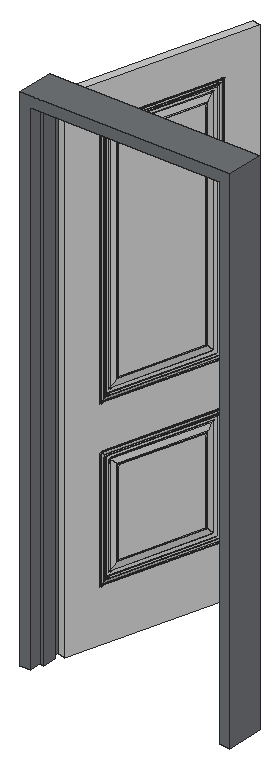
Revit family "Taylor_Entrance_8_Foot_High_Def_2_Panel", category Doors, host Wall, Revit 2026
Family settings
  Host = Wall
  Classification Number = 23.30.10.00
  Always vertical = Yes
  Cut with Voids When Loaded = No
  Shared = No
  Room Calculation Point = No
Parameters (values of type "36" x 96"")
  Wall depth [instance] = 0' - 6"
  URL = ""
  Thickness = 0' - 1 3/4"
  Swing Visible [instance] = Swing Angle > 1.00°  # yes
  Swing Angle [instance] = 75.00°
  Swing Actual [instance] = if(Swing Angle < 1.00°, 1.00°, Swing Angle)  # 75.00°
  Specification = "https://charrette.arcat.com/company/taylor-entrance-systems-inc-50999/spec"
  SpecWizard = ""
  Sales Information = "http://www.taylordoor.com/Content/Contact_Us.cfm"
  Rough Width = Width + 0' 4"  # 3' - 4"
  Rough Height = Height + 0' 2"  # 8' - 2"
  Product Data = ""
  Model = "8'-0\" High Def 2 Panel"
  Masonry Wall [instance] = not(Gypboard Wall)  # no
  Manufacturer Website = "http://www.taylordoor.com/"
  Manufacturer Phone - Toll Free = "800-248-3600"
  Manufacturer Phone = ""
  Manufacturer Fax = "800-252-5468"
  Manufacturer Email = ""
  Manufacturer Address = "631 N. First St., West Branch, MI 48661"
  Manufacturer = "Taylor Entrance Systems"
  Installation-Fabrication = ""
  Gypboard Wall [instance] = yes
  Green Building-LEED = ""
  Function = Interior
  Height = 8' - 0"
  Wall Closure = By host
  Width = 3' - 0"
  Fire Rating = ""
  Door Frame Finish = Material - Door - Frame
  Door Finish = Door Finish - Grey Paintable Primer
  Description = "8'-0\" high def 2 panel embossment for steel edge doors"
  Analytic Construction = "<None>"
Reference planes (in)
  plane 1 "Center (Front/Back)": y = 0
  plane 2 "Center (Left/Right)": x = 0
  plane 3 "Left": x = -18
  plane 4 "Right": x = 18
  plane 5 "Top": z = 96
  plane 6 "Exterior": y = 3
  plane 7 "Interior": y = -3
  plane 8: x = -20
  plane 9: x = 20
  plane 10: z = 98
  plane 11: x = -17
  plane 12: x = 17
  plane 13: z = 1
  plane 14: z = 7
Forms (in)
  Sweep 1, solid, material "Material - Door - Frame" <- "Door Frame Finish", visible <- "Gypboard Wall"
    path origin (0, -3, 0) x (1, 0, 0) y (0, 0, 1)
      loop
        line (-18, 0) -> (-18, 96) -> (18, 96) -> (18, 0)
    profile origin (-18, -3, 48) x (-1, 0, 0) y (0, -1, 0)
      loop
        line (2, -6.55) -> (2, 0.55) -> (0, 0.55) -> (0, -1.75) -> (-0.75, -1.75) -> (-0.75, -4.25) -> (0, -4.25) -> (0, -6.55) -> (2, -6.55)
  Sweep 2, solid, material "Material - Door - Frame" <- "Door Frame Finish", visible <- "Masonry Wall"
    path origin (0, -3, 0) x (1, 0, 0) y (0, 0, 1)
      loop
        line (-18, 0) -> (-18, 96) -> (18, 96) -> (18, 0)
    profile origin (-18, -3, 48) x (-1, 0, 0) y (0, -1, 0)
      loop
        line (2, 0) -> (0, 0) -> (0, -1.75) -> (-0.75, -1.75) -> (-0.75, -4.625) -> (0, -4.625) -> (0, -6) -> (2, -6) -> (2, 0)
Lines and regions (in)
  Opening 1
    outline origin (-90, -3, 0) x (1, 0, 0) y (0, 0, 1)
      loop
        line (70, 0) -> (110, 0) -> (110, 98) -> (70, 98) -> (70, 0)
  symbolic lines, style "Elevation Swing"
    curve 1: line (18, 3, 0) -> (-18, 3, 48)
    curve 2: line (-18, 3, 48) -> (18, 3, 96)
  reference lines
    curve 3: line (-18, 3, 0) -> (-8.68251, 37.77333, 0)
  symbolic lines, style "DoorsFrameMullionProjection", visible <- "Gypboard Wall"
    curve 4: line (-20, -18.38231, 0) -> (-18, -18.38231, 0)
    curve 5: line (-20, -3.55, 0) -> (-20, -18.38231, 0)
    curve 6: line (-18, -3.55, 0) -> (-20, -3.55, 0)
    curve 7: line (-18, -18.38231, 0) -> (-18, -3.55, 0)
    curve 8: line (18, 3.55, 0) -> (20, 3.55, 0)
    curve 9: line (18, -3.55, 0) -> (18, 3.55, 0)
    curve 10: line (20, -3.55, 0) -> (18, -3.55, 0)
    curve 11: line (20, 3.55, 0) -> (20, -3.55, 0)
  symbolic lines, style "DoorsFrameMullionProjection", visible <- "Masonry Wall"
    curve 12: line (-20, 3, 0) -> (-18, 3, 0)
    curve 13: line (-20, -3, 0) -> (-20, 3, 0)
    curve 14: line (-18, -3, 0) -> (-20, -3, 0)
    curve 15: line (-18, 3, 0) -> (-18, -3, 0)
    curve 16: line (18, 3, 0) -> (20, 3, 0)
    curve 17: line (18, -3, 0) -> (18, 3, 0)
    curve 18: line (20, -3, 0) -> (18, -3, 0)
    curve 19: line (20, 3, 0) -> (20, -3, 0)
  symbolic lines, style "Swing"
    curve 20: arc (18, 3, 0) -> (10.56072, 24.91541, 0) -> (-8.68251, 37.77333, 0) r 36
  symbolic lines, style "DoorsFrameMullionProjection"
    curve 21: line (-18, -3, 96) -> (18, -3, 96)
    curve 22: line (-18, -3, 0) -> (-18, -3, 96)
    curve 23: line (18, -3, 96) -> (18, -3, 0)
    curve 24: line (-20, -3, 98) -> (20, -3, 98)
    curve 25: line (-20, -3, 0) -> (-20, -3, 98)
    curve 26: line (20, -3, 0) -> (-20, -3, 0)
    curve 27: line (20, -3, 98) -> (20, -3, 0)
  symbolic lines, style "Kick Plate"
    curve 28: line (-17, -3, 10) -> (17, -3, 10)
    curve 29: line (-17, -3, 1) -> (-17, -3, 10)
    curve 30: line (17, -3, 1) -> (-17, -3, 1)
    curve 31: line (17, -3, 10) -> (17, -3, 1)
Text (in)
  text "Exterior" at (-74.96733, 27.31104, 0), in view "Ref. Level"
  text "Interior" at (-74.96733, -25.14366, 0), in view "Ref. Level"
  text "Exterior" at (0, 40.15149, 123.01588), in view "Right"
  text "Interior" at (0, -64.39139, 123.01588), in view "Right"
  text "Interior" at (0, -31.01599, 123.00693), in view "Left"
  text "Exterior" at (0, 54.57065, 123.00693), in view "Left"
Dimensions and locks (in)
  equal spacing: plane 3 "Left", plane 2 "Center (Left/Right)", plane 4 "Right"
  "Height": level to plane 5 "Top"
  "Width": plane 3 "Left" to plane 4 "Right"
  equal spacing: host wall, curve 2, plane 5 "Top"
  equal spacing: plane 8, plane 2 "Center (Left/Right)", plane 9
  "Rough Width": plane 8 to plane 9
  "Width": curve 3 to curve 3
  "Thickness": Sweep 1 sketch curve to plane 6 "Exterior"
  locked: Sweep 1 sketch curve to host wall at 0.55  (x2)
  "Wall depth": host wall to host wall
  "Thickness": Sweep 2 sketch curve to Sweep 1
  "Thickness": Sweep 2 sketch curve to Sweep 2 sketch curve
  "Thickness": host wall to Sweep 1 sketch curve
  "Rough Height": plane 10 to level
  locked: plane 3 "Left" to plane 11 at 1
  locked: plane 12 to plane 4 "Right" at 1
  locked: plane 13 to level at 1
  locked: plane 14 to plane 13 at 6
  "Width": radius of curve 20
  "Swing Angle": angle plane 6 "Exterior" to curve 3
  "Swing Actual": angle curve 20 to curve 20
  aligned and locked: Opening 1 sketch curve to level
  aligned and locked: plane 4 "Right" to curve 1
  aligned and locked: plane 3 "Left" to curve 1
  aligned and locked: plane 5 "Top" to curve 2
  aligned and locked: plane 6 "Exterior" to host wall
  aligned and locked: plane 7 "Interior" to host wall
  aligned and locked: plane 6 "Exterior" to curve 3
  aligned and locked: plane 3 "Left" to curve 3
  aligned and locked: Opening 1 sketch curve to plane 8
  aligned and locked: plane 9 to Opening 1 sketch curve
  aligned and locked: Sweep 1 sketch curve to plane 3 "Left"
  aligned and locked: plane 4 "Right" to Sweep 1 sketch curve
  aligned and locked: plane 5 "Top" to Sweep 1 sketch curve
  aligned and locked: Sweep 1 sketch curve to plane 8
  aligned and locked: level to Sweep 2 sketch curve  (x2)
  aligned and locked: plane 4 "Right" to Sweep 2 sketch curve
  aligned and locked: Sweep 2 sketch curve to plane 3 "Left"  (x2)
  aligned and locked: plane 5 "Top" to Sweep 2 sketch curve
  aligned and locked: profile plane to Sweep 2 sketch curve  (x2)
  aligned and locked: plane 8 to Sweep 2 sketch curve
  aligned and locked: curve 13 to plane 8
  aligned and locked: plane 3 "Left" to curve 15
  aligned and locked: curve 12 to host wall
  aligned and locked: curve 14 to host wall
  aligned and locked: curve 18 to host wall
  aligned and locked: curve 16 to host wall
  aligned and locked: curve 19 to plane 9
  aligned and locked: curve 17 to plane 4 "Right"
  aligned and locked: curve 3 to curve 20
  aligned and locked: plane 10 to Opening 1 sketch curve
  aligned and locked: plane 5 "Top" to curve 21
  aligned and locked: plane 4 "Right" to curve 23
  aligned and locked: curve 22 to plane 3 "Left"
  aligned and locked: plane 10 to curve 24
  aligned and locked: curve 27 to plane 9
  aligned and locked: curve 25 to plane 8
  aligned and locked: level to curve 26
  aligned and locked: curve 29 to plane 11
  aligned and locked: plane 12 to curve 31
Automatic sketch dimensions
  curve 1 to level = 0' - 0"
  curve 2 to plane 4 "Right" = 0' - 0"
  Sweep 1 sketch curve to level = 0' - 0"  (x2)
  Sweep 1 sketch curve to profile plane = 0' - 0"  (x2)
  profile plane to Sweep 1 sketch curve = 0' - 0 3/4"
  profile plane to Sweep 2 sketch curve = 0' - 0 3/4"
  Sweep 2 sketch curve to Sweep 2 sketch curve = 0' - 1 3/8"
  curve 31 to plane 13 = 0' - 0"
  plane 14 to curve 31 = 0' - 3"
  curve 4 to plane 8 = 0' - 0"
  curve 7 to plane 3 "Left" = 0' - 0"
  curve 10 to plane 4 "Right" = 0' - 0"
  curve 8 to plane 9 = 0' - 0"
  host wall to curve 10 = 0' - 0.55"
  host wall to curve 7 = 0' - 0.55"
  curve 4 to curve 5 = 1' - 2.83231"
  curve 20 to curve 9 = 0' - 0.55"
Nested families (in)
  nested 1: "Door Slab - 2 Panel HD Square" at (-18, 3, 0) x (0.2588, 0.9659, 0) z (0, 0, 1), Door slab width <- "Width", Door slab thickness <- "Thickness", Door slab height <- "Height", type "Door Slab - 2 Panel HD Square"
    with Gypboard Wall yes, Door slab width 3' - 0", Door slab thickness 0' - 1 3/4", Door slab height 8' - 0"
Definition of nested family "Door Slab - 2 Panel HD Square"
  Parameters (values of type "Door Slab - 2 Panel HD Square")
    Door Finish = none
    Gypboard Wall [instance] = yes
    Door slab width [instance] = 3' - 0"
    Door slab thickness [instance] = 0' - 1 3/8"
    Door slab height [instance] = 8' - 0"
    Default Elevation = 4' - 0"
    Analytic Construction = "<None>"
  Reference planes (in)
    plane 1 "Center (Front/Back)": y = 0
    plane 2: z = 0
    plane 3 "Center (Left/Right)": x = 0
    plane 4 "Door Thickness": y = -1.375
    plane 5: x = 36
    plane 6: z = 96
    plane 7: y = -1.4375
    plane 8: y = -0.6875
    plane 9: y = -0.5625
    plane 10: y = -0.8125
    plane 11: x = 18
    plane 12: z = 10
    plane 13: z = 33
    plane 14: z = 41.22
    plane 15: z = 89.22
    plane 16: x = 29.5
    plane 17: x = 6.5
  Forms (in)
    Extrusion 1, solid, material <- "Door Finish"
      sketch origin (0, 0, 0) x (1, 0, 0) y (0, 0, 1)
        loop
          line (0, 96) -> (0, 0) -> (36, 0) -> (36, 96) -> (0, 96)
        loop
          line (6.5, 89.22) -> (6.5, 41.22) -> (29.5, 41.22) -> (29.5, 89.22) -> (6.5, 89.22)
        loop
          line (29.5, 33) -> (6.5, 33) -> (6.5, 10) -> (29.5, 10) -> (29.5, 33)
      from 0 to 1.375
    Extrusion 2, solid, material <- "Door Finish"
      sketch origin (40.86714, -1.375, 48) x (-1, 0, 0) y (0, 0, 1)
        loop
          line (30.93614, 37.789) -> (14.79814, 37.789) -> (14.79814, -3.349) -> (30.93614, -3.349) -> (30.93614, 37.789)
        loop
          line (14.79814, -34.569) -> (30.93614, -34.569) -> (30.93614, -18.431) -> (14.79814, -18.431) -> (14.79814, -34.569)
      from 0 to 1.375
    Sweep 3, solid, material <- "Door Finish"
      path origin (-5.19536, -1.375, 48) x (-1, 0, 0) y (0, 0, 1)
        loop
          line (-11.69536, -15) -> (-34.69536, -15) -> (-34.69536, -38) -> (-11.69536, -38) -> (-11.69536, -15)
      profile "2 Panel HD Square : 2 Panel HD Square" origin (18, -1.375, 33) x (0, 0, -1) y (0, 1, 0)
        loop
          arc (3.30651, 0.06633) -> (3.36047, 0.01762) -> (3.431, 0) r 0.14999
          line (3.431, 0) -> (3.431, 0.30897) -> (0, 0.30897) -> (0, 0)
          arc (0, 0) -> (0.06154, 0.0132) -> (0.11224, 0.05049) r 0.14999
          line (0.11224, 0.05049) -> (0.1675, 0.11284)
          arc (0.1675, 0.11284) -> (0.2611, 0.15218) -> (0.35829, 0.12282) r 0.14984
          arc (0.35829, 0.12282) -> (0.5516, 0.03038) -> (0.75695, 0.09154) r 0.29799
          line (0.75695, 0.09154) -> (0.78906, 0.12568)
          arc (0.78906, 0.12568) -> (0.82222, 0.14896) -> (0.8619, 0.15717) r 0.09999
          line (0.8619, 0.15717) -> (1.10372, 0.15717)
          arc (1.10372, 0.15717) -> (1.14664, 0.16511) -> (1.18388, 0.18788) r 0.12
          arc (1.18388, 0.18788) -> (1.22113, 0.21064) -> (1.26405, 0.21858) r 0.12
          line (1.26405, 0.21858) -> (1.78572, 0.21858)
          arc (1.78572, 0.21858) -> (1.82885, 0.2266) -> (1.86622, 0.24958) r 0.12
          arc (1.86622, 0.24958) -> (1.9127, 0.27567) -> (1.9659, 0.27904) r 0.12
          line (1.9659, 0.27904) -> (3.10682, 0.09419) -> (3.25422, 0.09419)
          arc (3.25422, 0.09419) -> (3.28384, 0.08679) -> (3.30651, 0.06633) r 0.06299
    Sweep 4, solid, material <- "Door Finish"
      path origin (-5.19536, -1.375, 68.44) x (-1, 0, 0) y (0, 0, 1)
        loop
          line (-11.69536, 20.78) -> (-34.69536, 20.78) -> (-34.69536, -27.22) -> (-11.69536, -27.22) -> (-11.69536, 20.78)
      profile "2 Panel HD Square : 2 Panel HD Square" origin (18, -1.375, 89.22) x (0, 0, -1) y (0, 1, 0)
        loop
          arc (3.30651, 0.06633) -> (3.36047, 0.01762) -> (3.431, 0) r 0.14999
          line (3.431, 0) -> (3.431, 0.30897) -> (0, 0.30897) -> (0, 0)
          arc (0, 0) -> (0.06154, 0.0132) -> (0.11224, 0.05049) r 0.14999
          line (0.11224, 0.05049) -> (0.1675, 0.11284)
          arc (0.1675, 0.11284) -> (0.2611, 0.15218) -> (0.35829, 0.12282) r 0.14984
          arc (0.35829, 0.12282) -> (0.5516, 0.03038) -> (0.75695, 0.09154) r 0.29799
          line (0.75695, 0.09154) -> (0.78906, 0.12568)
          arc (0.78906, 0.12568) -> (0.82222, 0.14896) -> (0.8619, 0.15717) r 0.09999
          line (0.8619, 0.15717) -> (1.10372, 0.15717)
          arc (1.10372, 0.15717) -> (1.14664, 0.16511) -> (1.18388, 0.18788) r 0.12
          arc (1.18388, 0.18788) -> (1.22113, 0.21064) -> (1.26405, 0.21858) r 0.12
          line (1.26405, 0.21858) -> (1.78572, 0.21858)
          arc (1.78572, 0.21858) -> (1.82885, 0.2266) -> (1.86622, 0.24958) r 0.12
          arc (1.86622, 0.24958) -> (1.9127, 0.27567) -> (1.9659, 0.27904) r 0.12
          line (1.9659, 0.27904) -> (3.10682, 0.09419) -> (3.25422, 0.09419)
          arc (3.25422, 0.09419) -> (3.28384, 0.08679) -> (3.30651, 0.06633) r 0.06299
    Sweep 5, solid, material <- "Door Finish"
      path origin (-5.19536, 0, 48) x (-1, 0, 0) y (0, 0, -1)
        loop
          line (-11.69536, 15) -> (-11.69536, 38) -> (-34.69536, 38) -> (-34.69536, 15) -> (-11.69536, 15)
      profile "2 Panel HD Square : 2 Panel HD Square" origin (18, 0, 33) x (0, 0, 1) y (0, -1, 0)
        loop
          arc (-3.30651, 0.06633) -> (-3.28384, 0.08679) -> (-3.25422, 0.09419) r 0.06299
          line (-3.25422, 0.09419) -> (-3.10682, 0.09419) -> (-1.9659, 0.27904)
          arc (-1.9659, 0.27904) -> (-1.9127, 0.27567) -> (-1.86622, 0.24958) r 0.12
          arc (-1.86622, 0.24958) -> (-1.82885, 0.2266) -> (-1.78572, 0.21858) r 0.12
          line (-1.78572, 0.21858) -> (-1.26405, 0.21858)
          arc (-1.26405, 0.21858) -> (-1.22113, 0.21064) -> (-1.18388, 0.18788) r 0.12
          arc (-1.18388, 0.18788) -> (-1.14664, 0.16511) -> (-1.10372, 0.15717) r 0.12
          line (-1.10372, 0.15717) -> (-0.8619, 0.15717)
          arc (-0.8619, 0.15717) -> (-0.82222, 0.14896) -> (-0.78906, 0.12568) r 0.09999
          line (-0.78906, 0.12568) -> (-0.75695, 0.09154)
          arc (-0.75695, 0.09154) -> (-0.5516, 0.03038) -> (-0.35829, 0.12282) r 0.29799
          arc (-0.35829, 0.12282) -> (-0.2611, 0.15218) -> (-0.1675, 0.11284) r 0.14984
          line (-0.1675, 0.11284) -> (-0.11224, 0.05049)
          arc (-0.11224, 0.05049) -> (-0.06154, 0.0132) -> (0, 0) r 0.14999
          line (0, 0) -> (0, 0.30897) -> (-3.431, 0.30897) -> (-3.431, 0)
          arc (-3.431, 0) -> (-3.36047, 0.01762) -> (-3.30651, 0.06633) r 0.14999
    Sweep 6, solid, material <- "Door Finish"
      path origin (-5.19536, 0, 68.44) x (-1, 0, 0) y (0, 0, -1)
        loop
          line (-11.69536, -20.78) -> (-11.69536, 27.22) -> (-34.69536, 27.22) -> (-34.69536, -20.78) -> (-11.69536, -20.78)
      profile "2 Panel HD Square : 2 Panel HD Square" origin (18, 0, 89.22) x (0, 0, 1) y (0, -1, 0)
        loop
          arc (-3.30651, 0.06633) -> (-3.28384, 0.08679) -> (-3.25422, 0.09419) r 0.06299
          line (-3.25422, 0.09419) -> (-3.10682, 0.09419) -> (-1.9659, 0.27904)
          arc (-1.9659, 0.27904) -> (-1.9127, 0.27567) -> (-1.86622, 0.24958) r 0.12
          arc (-1.86622, 0.24958) -> (-1.82885, 0.2266) -> (-1.78572, 0.21858) r 0.12
          line (-1.78572, 0.21858) -> (-1.26405, 0.21858)
          arc (-1.26405, 0.21858) -> (-1.22113, 0.21064) -> (-1.18388, 0.18788) r 0.12
          arc (-1.18388, 0.18788) -> (-1.14664, 0.16511) -> (-1.10372, 0.15717) r 0.12
          line (-1.10372, 0.15717) -> (-0.8619, 0.15717)
          arc (-0.8619, 0.15717) -> (-0.82222, 0.14896) -> (-0.78906, 0.12568) r 0.09999
          line (-0.78906, 0.12568) -> (-0.75695, 0.09154)
          arc (-0.75695, 0.09154) -> (-0.5516, 0.03038) -> (-0.35829, 0.12282) r 0.29799
          arc (-0.35829, 0.12282) -> (-0.2611, 0.15218) -> (-0.1675, 0.11284) r 0.14984
          line (-0.1675, 0.11284) -> (-0.11224, 0.05049)
          arc (-0.11224, 0.05049) -> (-0.06154, 0.0132) -> (0, 0) r 0.14999
          line (0, 0) -> (0, 0.30897) -> (-3.431, 0.30897) -> (-3.431, 0)
          arc (-3.431, 0) -> (-3.36047, 0.01762) -> (-3.30651, 0.06633) r 0.14999
  Lines and regions (in)
    symbolic lines
      curve 1: line (0, 0, 0) -> (36, 0, 0)
      curve 2: line (0, -1.375, 0) -> (0, 0, 0)
      curve 3: line (36, -1.375, 0) -> (0, -1.375, 0)
      curve 4: line (36, 0, 0) -> (36, -1.375, 0)
  Dimensions and locks (in)
    "Door slab thickness": plane 4 "Door Thickness" to plane 1 "Center (Front/Back)"
    "Door slab width": plane 3 "Center (Left/Right)" to plane 5
    "Door slab height": plane 6 to level
    plane 4 "Door Thickness" to plane 7 = 0' - 0 1/16"
    equal spacing: plane 4 "Door Thickness", plane 8, plane 1 "Center (Front/Back)"
    equal spacing: plane 9, plane 8, plane 10
    plane 9 to plane 10 = 0' - 0 1/4"
    aligned and locked: plane 2 to level
    aligned and locked: plane 3 "Center (Left/Right)" to Extrusion 1 sketch curve
    aligned and locked: Extrusion 1 sketch curve to plane 6
    aligned and locked: plane 5 to Extrusion 1 sketch curve
    aligned and locked: level to Extrusion 1 sketch curve
    aligned and locked: Extrusion 1 to plane 4 "Door Thickness"
    aligned and locked: Extrusion 1 to plane 1 "Center (Front/Back)"
    aligned and locked: plane 3 "Center (Left/Right)" to curve 2
    aligned and locked: plane 5 to curve 4
    aligned and locked: plane 4 "Door Thickness" to curve 3
    aligned and locked: plane 1 "Center (Front/Back)" to curve 1
  Automatic sketch dimensions
    plane 5 to Sweep 3 sketch curve = 0' - 6 1/2"
    plane 11 to Sweep 3 sketch curve = 0' - 11 1/2"
    plane 5 to Sweep 4 sketch curve = 0' - 6 1/2"
    plane 5 to Sweep 5 sketch curve = 0' - 6 1/2"
    plane 11 to Sweep 5 sketch curve = 0' - 11 1/2"
    plane 5 to Sweep 6 sketch curve = 0' - 6 1/2"
    plane 3 "Center (Left/Right)" to Sweep 4 sketch curve = 0' - 6 1/2"
    plane 3 "Center (Left/Right)" to Sweep 6 sketch curve = 0' - 6 1/2"
    level to Sweep 3 sketch curve = 0' - 10"
    level to Sweep 5 sketch curve = 0' - 10"
    Sweep 3 sketch curve to Sweep 3 sketch curve = 1' - 11"
    Sweep 4 sketch curve to plane 6 = 4' - 6.78"
    Sweep 4 sketch curve to plane 6 = 0' - 6.78"
    Sweep 5 sketch curve to Sweep 5 sketch curve = 1' - 11"
    Sweep 6 sketch curve to plane 6 = 0' - 6.78"
    Sweep 6 sketch curve to Sweep 6 sketch curve = 4' - 0"
    Extrusion 1 sketch curve to plane 12 = 0' - 0"
    plane 17 to Extrusion 1 sketch curve = 0' - 0"  (x2)
    Extrusion 1 sketch curve to plane 14 = 0' - 0"
    Extrusion 1 sketch curve to plane 15 = 0' - 0"
    plane 16 to Extrusion 1 sketch curve = 0' - 0"  (x2)
    Extrusion 1 sketch curve to plane 13 = 0' - 0"
    Extrusion 2 sketch curve to plane 15 = 0' - 3.431"
    Extrusion 2 sketch curve to plane 11 = 0' - 8.069"  (x2)
    plane 11 to Extrusion 2 sketch curve = 0' - 8.069"  (x2)
    plane 14 to Extrusion 2 sketch curve = 0' - 3.431"
    Extrusion 2 sketch curve to plane 13 = 0' - 3.431"
    plane 12 to Extrusion 2 sketch curve = 0' - 3.431"
